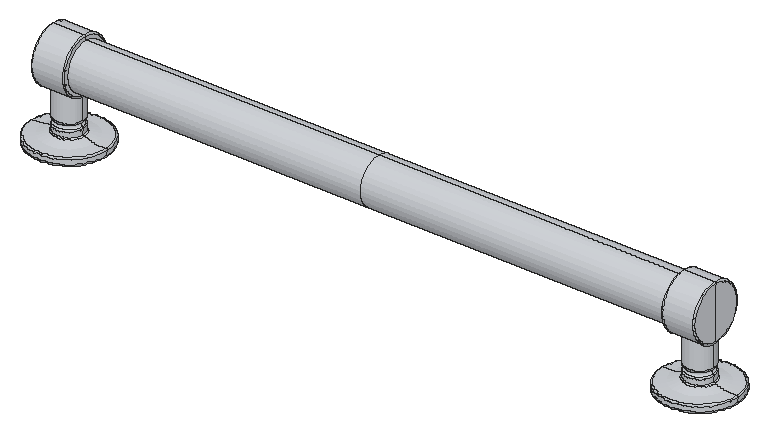
Revit family "Accessory-Drawer_Pull-KOHLER-HARKEN -K-33561_1", category Specialty Equipment, host Face, Revit 2017
Family settings
  Host = Face
  Round Connector Dimension = Use Diameter
  Part Type = Normal
  OmniClass Number = 23.31.25.00
  OmniClass Title = Toilet and Bath Specialties
  Cut with Voids When Loaded = No
  Shared = No
  Room Calculation Point = No
Parameters (values of type "CP-Polished Chrome")
  Width = 12.79528"  # constant formula
  WaterSense Certified = 1 = 0  # no
  URL = "https://www.us.kohler.com/us/"
  Type = 1
  Product Page URL = "http://www.us.kohler.com/us/catalog/productDetails.jsp?productId=33561"
  Product Name = "HARKEN "  # constant formula
  Product Documentation Link = "https://www.us.kohler.com/webassets/kpna/catalog/pdf/en/K-33561_spec.pdf"
  Model = if(Type = 1, "K-33561-CP", if(Type = 2, "K-33561-BN", if(Type = 3, "K-33561-BL", if(Type = 4, "K-33561-2MB", "NA"))))  # "K-33561-CP"
  Material = "Premium Metal Construction"  # constant formula
  Master Format 2014 Name = "Toilet, Bath, and Laundry Accessories"  # constant formula
  Master Format 2014 = "10 28 00"  # constant formula
  Manufacturer Address = "444 Highland Dr, Kohler, WI 53044"  # constant formula
  Manufacturer = "KOHLER Co."  # constant formula
  Length = 1.83858"  # constant formula
  Height = 1.37795"  # constant formula
  Finish = Kohler-Metal-CP-Polished_Chrome
  Environmental Product Declaration = ""
  Description = "DRAWER PULL 13 INCHES"  # constant formula
  Default Elevation = 42"
  Declare Label = ""
  Date Modified = "02/19/2021"  # constant formula
  Date Created = "02/19/2021"  # constant formula
  Copyright = "Copyright KOHLER Co."  # constant formula
  Contact Us = "https://www.us.kohler.com/us/static/contact.jsp"
  Assembly Code = "C1030200"
  ADA Compliant = 1 = 0  # no
Types (5): name | Type | Model | Finish
  (no name) | 1 | "K-33561-CP" | Kohler-Metal-CP-Polished_Chrome
  CP-Polished Chrome | 1 | "K-33561-CP" | Kohler-Metal-CP-Polished_Chrome
  BN-Vibrant Brushed Nickel | 2 | "K-33561-BN" | Kohler-Metal-BN-Vibrant_Brushed_Nickel
  BL-Matte Black | 3 | "K-33561-BL" | Kohler-Metal-BL-Matte_Black
  2MB-Vibrant Brushed Moderne Brass | 4 | "K-33561-2MB" | Kohler-Metal-2MB-Vibrant_Brushed_Moderne_Brass
Reference planes (in)
  plane 1 "Center (Front/Back)": y = 0
  plane 2: z = 0
  plane 3 "Center (Left/Right)": x = 0
  plane 4: z = 1.34647
  plane 5: z = 1.83858
  plane 6: x = -5.70866
  plane 7: x = -6.39764
  plane 8: x = 5.70866
  plane 9: x = -5.01969
  plane 10: x = 6.39764
  plane 11: x = 5.01969
  plane 12: x = -6.00419
  plane 13: x = -5.41313
  plane 14: x = 6.00419
  plane 15: x = 5.41313
  plane 16: y = 0.40994
  plane 17: y = -0.40994
  plane 18: y = 0.49195
  plane 19: y = -0.49195
  plane 20: y = 0.25591
  plane 21: y = -0.25591
  plane 22: y = 0.689
  plane 23: y = -0.68895
  plane 24: z = 0.12634
  plane 25: z = 1.75639
  plane 26: z = 0.93655
Dimensions and locks (in)
  locked: plane 8 to plane 6 at 11.41732
  locked: plane 12 to plane 14 at 12.00839
  locked: plane 16 to plane 17 at 0.81987
  "Width": plane 7 to plane 10
  locked: plane 18 to plane 19 at 0.9839
  plane 20 to plane 21 = 0.51182"
  "Height": plane 23 to plane 22
  "Length": plane 5 to level
  aligned and locked: plane 2 to host face
  aligned and locked: level to host face
Automatic sketch dimensions
  host sketch curve to host sketch curve = 96"  (x2)
Nested families (in)
  nested 1: "K-33561" at (0, 0, 0), type "K-33561"
Definition of nested family "K-33561"
  Parameters (values of type "K-33561")
    Material = none
  Reference planes (in)
    plane 1 "Center (Front/Back)": y = 0
    plane 2: z = 0
    plane 3 "Center (Left/Right)": x = 0
    plane 4: x = -6.39764
    plane 5: x = 6.39764
    plane 6: y = -0.689
    plane 7: y = 0.689
    plane 8: y = 0.40994
    plane 9: y = -0.40994
    plane 10: y = 0.25591
    plane 11: y = -0.25591
    plane 12: z = 1.8386
    plane 13: y = 0.49195
    plane 14: y = -0.49195
    plane 15: x = -5.70866
    plane 16: x = -5.01969
    plane 17: x = 5.70866
    plane 18: x = 5.01969
    plane 19: z = 1.34647
  Forms (in)
    Revolve 1, solid, material <- "Material", detail levels medium+fine
      sketch origin (0, 0, 0) x (1, 0, 0) y (0, 0, 1)
        loop
          line (-6.39764, 0.10549) -> (-6.39764, 0.02058)
          arc (-6.39764, 0.02058) -> (-6.39161, 0.00603) -> (-6.37706, 0) r 0.02058
          line (-6.37706, 0) -> (-5.70866, 0) -> (-5.70866, 1.02406) -> (-5.96459, 1.02406) -> (-5.96459, 0.43864)
          arc (-5.96459, 0.43864) -> (-5.95997, 0.42387) -> (-5.94777, 0.41434) r 0.02596
          arc (-5.94777, 0.41434) -> (-5.91719, 0.3701) -> (-5.94786, 0.32592) r 0.04722
          arc (-5.94786, 0.32592) -> (-5.95999, 0.31648) -> (-5.96458, 0.30181) r 0.02575
          line (-5.96458, 0.30181) -> (-5.96458, 0.21583)
          arc (-5.96458, 0.21583) -> (-5.96945, 0.20074) -> (-5.98222, 0.19134) r 0.02581
          arc (-5.98222, 0.19134) -> (-6.17697, 0.14316) -> (-6.37688, 0.12634) r 1.26583
          arc (-6.37688, 0.12634) -> (-6.39157, 0.1202) -> (-6.39764, 0.10549) r 0.02085
        axis (-5.70866, 1.02406) -> (-5.70866, 0)
      angle from 0 to 360
    Revolve 2, solid, material <- "Material", detail levels medium+fine
      sketch origin (0, 0, 0) x (1, 0, 0) y (0, 0, 1)
        loop
          line (-5.70866, 1.7564) -> (-5.70866, 1.34708) -> (5.70866, 1.34708) -> (5.70866, 1.7564) -> (-0.10451, 1.7564) -> (-5.70866, 1.7564)
        axis (5.70866, 1.34647) -> (-5.70866, 1.34647)
      angle from 0 to 360
    Extrusion 3, void
      sketch origin (0, 0, 0) x (1, 0, 0) y (0, 0, 1)
        loop
          arc (-5.40333, 1.04078) -> (-5.40909, 1.0547) -> (-5.42301, 1.06046) r 0.01969
          line (-5.42301, 1.06046) -> (-5.45827, 1.06046) -> (-5.45827, 0.91829) -> (-5.40333, 0.91829) -> (-5.40333, 1.04078)
      from -0.61928 to 0.73254
    Extrusion 4, void
      sketch origin (0, 0, 0) x (1, 0, 0) y (0, 0, 1)
        loop
          line (5.40333, 1.04083) -> (5.40333, 0.92344) -> (5.45827, 0.92344) -> (5.45827, 1.06046) -> (5.42296, 1.06046)
          arc (5.42296, 1.06046) -> (5.40908, 1.05471) -> (5.40333, 1.04083) r 0.01963
      from -0.61928 to 0.73254
    Revolve 5, solid, material <- "Material", detail levels medium+fine
      sketch origin (0, 0, 0) x (1, 0, 0) y (0, 0, 1)
        loop
          line (-6.00419, 1.81884) -> (-6.00419, 1.34708) -> (-5.41317, 1.34708) -> (-5.41317, 1.81879)
          arc (-5.41317, 1.81879) -> (-5.41897, 1.8328) -> (-5.43298, 1.8386) r 0.01981
          line (-5.43298, 1.8386) -> (-5.98443, 1.8386)
          arc (-5.98443, 1.8386) -> (-5.9984, 1.83281) -> (-6.00419, 1.81884) r 0.01976
        loop
          arc (6.00419, 1.81884) -> (5.9984, 1.83281) -> (5.98443, 1.8386) r 0.01976
          line (5.98443, 1.8386) -> (5.43298, 1.8386)
          arc (5.43298, 1.8386) -> (5.41897, 1.8328) -> (5.41317, 1.81879) r 0.01981
          line (5.41317, 1.81879) -> (5.41317, 1.34708) -> (6.00419, 1.34708) -> (6.00419, 1.81884)
        axis (-6.00419, 1.34708) -> (6.00419, 1.34708)
      angle from 0 to 360
    Revolve 6, solid, material <- "Material", detail levels medium+fine
      sketch origin (0, 0, 0) x (-1, 0, 0) y (0, 0, 1)
        loop
          line (-6.39764, 0.10549) -> (-6.39764, 0.02058)
          arc (-6.39764, 0.02058) -> (-6.39161, 0.00603) -> (-6.37706, 0) r 0.02058
          line (-6.37706, 0) -> (-5.70866, 0) -> (-5.70866, 1.02406) -> (-5.96459, 1.02406) -> (-5.96459, 0.43864)
          arc (-5.96459, 0.43864) -> (-5.95997, 0.42387) -> (-5.94777, 0.41434) r 0.02596
          arc (-5.94777, 0.41434) -> (-5.91719, 0.3701) -> (-5.94786, 0.32592) r 0.04722
          arc (-5.94786, 0.32592) -> (-5.95999, 0.31648) -> (-5.96458, 0.30181) r 0.02575
          line (-5.96458, 0.30181) -> (-5.96458, 0.21583)
          arc (-5.96458, 0.21583) -> (-5.96945, 0.20074) -> (-5.98222, 0.19134) r 0.02581
          arc (-5.98222, 0.19134) -> (-6.17697, 0.14316) -> (-6.37688, 0.12634) r 1.26583
          arc (-6.37688, 0.12634) -> (-6.39157, 0.1202) -> (-6.39764, 0.10549) r 0.02085
        axis (-5.70866, 1.02406) -> (-5.70866, 0)
      angle from 0 to 360
    Revolve 7, solid, material <- "Material", detail levels coarse
      sketch origin (0, 0, 0) x (1, 0, 0) y (0, 0, 1)
        loop
          line (-6.39764, 0.12634) -> (-6.39764, 0) -> (-5.70866, 0) -> (-5.70866, 1.02406) -> (-5.96458, 1.02406) -> (-5.96458, 0.21583) -> (-6.39764, 0.12634)
        axis (-5.70866, 1.02406) -> (-5.70866, 0)
      angle from 0 to 360
    Revolve 8, solid, material <- "Material", detail levels coarse
      sketch origin (0, 0, 0) x (1, 0, 0) y (0, 0, 1)
        loop
          line (-5.41313, 1.8386) -> (-6.00368, 1.8386) -> (-6.00368, 1.34647) -> (6.00368, 1.34647) -> (6.00368, 1.8386) -> (5.41313, 1.8386) -> (5.41313, 1.75639) -> (-5.41313, 1.75639) -> (-5.41313, 1.8386)
        axis (6.00368, 1.34647) -> (-6.00368, 1.34647)
      angle from 0 to 360
    Revolve 9, solid, material <- "Material", detail levels coarse
      sketch origin (0, 0, 0) x (-1, 0, 0) y (0, 0, 1)
        loop
          line (-6.39764, 0.12634) -> (-6.39764, 0) -> (-5.70866, 0) -> (-5.70866, 1.02406) -> (-5.96458, 1.02406) -> (-5.96458, 0.21583) -> (-6.39764, 0.12634)
        axis (-5.70866, 1.02406) -> (-5.70866, 0)
      angle from 0 to 360
  Cuts and joins
    Extrusion 3, Extrusion 4 cuts Revolve 2
    joined: Revolve 1, Revolve 2, Revolve 5, Revolve 6
  Lines and regions (in)
    Masking region 1
      outline origin (0, 0, 0) x (1, 0, 0) y (0, 0, 1)
        loop
          arc (5.40327, 1.03182) -> (5.4052, 1.0476) -> (5.41313, 1.06138) r 0.04002
          line (5.41313, 1.06138) -> (5.41313, 0.88424)
          arc (5.41313, 0.88424) -> (5.41634, 0.86727) -> (5.42802, 0.85455) r 0.0315
          arc (5.42802, 0.85455) -> (5.44442, 0.85059) -> (5.45274, 0.83592) r 0.02119
          line (5.45274, 0.83592) -> (5.45274, 0.43864)
          arc (5.45274, 0.43864) -> (5.45735, 0.42387) -> (5.46955, 0.41434) r 0.02596
          arc (5.46955, 0.41434) -> (5.50013, 0.3701) -> (5.46947, 0.32592) r 0.04722
          arc (5.46947, 0.32592) -> (5.45733, 0.31648) -> (5.45274, 0.30181) r 0.02575
          line (5.45274, 0.30181) -> (5.45274, 0.21583)
          arc (5.45274, 0.21583) -> (5.44787, 0.20074) -> (5.4351, 0.19134) r 0.02581
          arc (5.4351, 0.19134) -> (5.24035, 0.14316) -> (5.04044, 0.12634) r 1.26583
          arc (5.04044, 0.12634) -> (5.02576, 0.1202) -> (5.01969, 0.10549) r 0.02085
          line (5.01969, 0.10549) -> (5.01969, 0.02058)
          arc (5.01969, 0.02058) -> (5.02571, 0.00603) -> (5.04026, 0) r 0.02058
          line (5.04026, 0) -> (5.70866, 0) -> (6.37706, 0)
          arc (6.37706, 0) -> (6.39161, 0.00603) -> (6.39764, 0.02058) r 0.02058
          line (6.39764, 0.02058) -> (6.39764, 0.10549)
          arc (6.39764, 0.10549) -> (6.39157, 0.1202) -> (6.37688, 0.12634) r 0.02085
          arc (6.37688, 0.12634) -> (6.17697, 0.14316) -> (5.98222, 0.19134) r 1.26583
          arc (5.98222, 0.19134) -> (5.96945, 0.20074) -> (5.96458, 0.21583) r 0.02581
          line (5.96458, 0.21583) -> (5.96458, 0.30181)
          arc (5.96458, 0.30181) -> (5.95999, 0.31648) -> (5.94786, 0.32592) r 0.02575
          arc (5.94786, 0.32592) -> (5.91719, 0.3701) -> (5.94777, 0.41434) r 0.04722
          arc (5.94777, 0.41434) -> (5.95997, 0.42387) -> (5.96459, 0.43864) r 0.02596
          line (5.96459, 0.43864) -> (5.96459, 0.83592)
          arc (5.96459, 0.83592) -> (5.9729, 0.85059) -> (5.9893, 0.85455) r 0.02119
          arc (5.9893, 0.85455) -> (6.00098, 0.86727) -> (6.00419, 0.88424) r 0.0315
          line (6.00419, 0.88424) -> (6.00419, 1.81901)
          arc (6.00419, 1.81901) -> (5.99845, 1.83286) -> (5.9846, 1.8386) r 0.01959
          line (5.9846, 1.8386) -> (5.70866, 1.8386) -> (5.43272, 1.8386)
          arc (5.43272, 1.8386) -> (5.41887, 1.83286) -> (5.41313, 1.81901) r 0.01959
          line (5.41313, 1.81901) -> (5.41313, 1.75639) -> (0.19626, 1.75639) -> (-5.41313, 1.75639) -> (-5.41313, 1.81901)
          arc (-5.41313, 1.81901) -> (-5.41887, 1.83286) -> (-5.43272, 1.8386) r 0.01959
          line (-5.43272, 1.8386) -> (-5.70866, 1.8386) -> (-5.9846, 1.8386)
          arc (-5.9846, 1.8386) -> (-5.99845, 1.83286) -> (-6.00419, 1.81901) r 0.01959
          line (-6.00419, 1.81901) -> (-6.00419, 0.88424)
          arc (-6.00419, 0.88424) -> (-6.00098, 0.86727) -> (-5.9893, 0.85455) r 0.0315
          arc (-5.9893, 0.85455) -> (-5.9729, 0.85059) -> (-5.96459, 0.83592) r 0.02119
          line (-5.96459, 0.83592) -> (-5.96459, 0.43864)
          arc (-5.96459, 0.43864) -> (-5.95997, 0.42387) -> (-5.94777, 0.41434) r 0.02596
          arc (-5.94777, 0.41434) -> (-5.91719, 0.3701) -> (-5.94786, 0.32592) r 0.04722
          arc (-5.94786, 0.32592) -> (-5.95999, 0.31648) -> (-5.96458, 0.30181) r 0.02575
          line (-5.96458, 0.30181) -> (-5.96458, 0.21583)
          arc (-5.96458, 0.21583) -> (-5.96945, 0.20074) -> (-5.98222, 0.19134) r 0.02581
          arc (-5.98222, 0.19134) -> (-6.17697, 0.14316) -> (-6.37688, 0.12634) r 1.26583
          arc (-6.37688, 0.12634) -> (-6.39157, 0.1202) -> (-6.39764, 0.10549) r 0.02085
          line (-6.39764, 0.10549) -> (-6.39764, 0.02058)
          arc (-6.39764, 0.02058) -> (-6.39161, 0.00603) -> (-6.37706, 0) r 0.02058
          line (-6.37706, 0) -> (-5.70866, 0) -> (-5.04026, 0)
          arc (-5.04026, 0) -> (-5.02571, 0.00603) -> (-5.01969, 0.02058) r 0.02058
          line (-5.01969, 0.02058) -> (-5.01969, 0.10549)
          arc (-5.01969, 0.10549) -> (-5.02576, 0.1202) -> (-5.04044, 0.12634) r 0.02085
          arc (-5.04044, 0.12634) -> (-5.24035, 0.14316) -> (-5.4351, 0.19134) r 1.26583
          arc (-5.4351, 0.19134) -> (-5.44787, 0.20074) -> (-5.45274, 0.21583) r 0.02581
          line (-5.45274, 0.21583) -> (-5.45274, 0.30181)
          arc (-5.45274, 0.30181) -> (-5.45733, 0.31648) -> (-5.46947, 0.32592) r 0.02575
          arc (-5.46947, 0.32592) -> (-5.50013, 0.3701) -> (-5.46955, 0.41434) r 0.04722
          arc (-5.46955, 0.41434) -> (-5.45735, 0.42387) -> (-5.45274, 0.43864) r 0.02596
          line (-5.45274, 0.43864) -> (-5.45274, 0.83592)
          arc (-5.45274, 0.83592) -> (-5.44442, 0.85059) -> (-5.42802, 0.85455) r 0.02119
          arc (-5.42802, 0.85455) -> (-5.41634, 0.86727) -> (-5.41313, 0.88424) r 0.0315
          line (-5.41313, 0.88424) -> (-5.41313, 1.06138)
          arc (-5.41313, 1.06138) -> (-5.4052, 1.0476) -> (-5.40327, 1.03182) r 0.04002
        loop
          line (-5.40327, 1.03805) -> (-5.40327, 0.95716)
          arc (-5.40327, 0.95716) -> (-5.39723, 0.94259) -> (-5.38266, 0.93655) r 0.02061
          line (-5.38266, 0.93655) -> (-0.33294, 0.93655) -> (5.38266, 0.93655)
          arc (5.38266, 0.93655) -> (5.39723, 0.94259) -> (5.40327, 0.95716) r 0.02061
          line (5.40327, 0.95716) -> (5.40327, 1.03805)
    Masking region 2
      outline origin (0, 0, 0) x (0, 1, 0) y (0, 0, 1)
        loop
          arc (0.689, 0.10549) -> (0.68293, 0.1202) -> (0.66825, 0.12634) r 0.02085
          arc (0.66825, 0.12634) -> (0.46834, 0.14316) -> (0.27359, 0.19134) r 1.26583
          arc (0.27359, 0.19134) -> (0.26082, 0.20074) -> (0.25595, 0.21583) r 0.02581
          line (0.25595, 0.21583) -> (0.25595, 0.30181)
          arc (0.25595, 0.30181) -> (0.25136, 0.31648) -> (0.23922, 0.32592) r 0.02575
          arc (0.23922, 0.32592) -> (0.20855, 0.3701) -> (0.23914, 0.41434) r 0.04722
          arc (0.23914, 0.41434) -> (0.25134, 0.42387) -> (0.25595, 0.43864) r 0.02596
          line (0.25595, 0.43864) -> (0.25595, 0.90902)
          arc (0.25595, 0.90902) -> (0.25973, 0.92397) -> (0.27015, 0.93534) r 0.0315
          arc (0.27015, 0.93534) -> (0.00017, 1.83842) -> (-0.27043, 0.93552) r 0.49195
          arc (-0.27043, 0.93552) -> (-0.2598, 0.92392) -> (-0.25595, 0.90866) r 0.03215
          line (-0.25595, 0.90866) -> (-0.25595, 0.43864)
          arc (-0.25595, 0.43864) -> (-0.25134, 0.42387) -> (-0.23914, 0.41434) r 0.02596
          arc (-0.23914, 0.41434) -> (-0.20855, 0.3701) -> (-0.23922, 0.32592) r 0.04722
          arc (-0.23922, 0.32592) -> (-0.25136, 0.31648) -> (-0.25595, 0.30181) r 0.02575
          line (-0.25595, 0.30181) -> (-0.25595, 0.21583)
          arc (-0.25595, 0.21583) -> (-0.26082, 0.20074) -> (-0.27359, 0.19134) r 0.02581
          arc (-0.27359, 0.19134) -> (-0.46834, 0.14316) -> (-0.66825, 0.12634) r 1.26583
          arc (-0.66825, 0.12634) -> (-0.68293, 0.1202) -> (-0.689, 0.10549) r 0.02085
          line (-0.689, 0.10549) -> (-0.689, 0.02058)
          arc (-0.689, 0.02058) -> (-0.68298, 0.00603) -> (-0.66843, 0) r 0.02058
          line (-0.66843, 0) -> (0.00003, 0) -> (0.66843, 0)
          arc (0.66843, 0) -> (0.68298, 0.00603) -> (0.689, 0.02058) r 0.02058
          line (0.689, 0.02058) -> (0.689, 0.10549)
    Masking region 3
      outline origin (0, 0, 0) x (1, 0, 0) y (0, 1, 0)
        loop
          line (-5.15491, -0.40994) -> (5.15491, -0.40994)
          arc (5.15491, -0.40994) -> (6.39764, 0) -> (5.15491, 0.40994) r 0.68898
          line (5.15491, 0.40994) -> (-5.15491, 0.40994)
          arc (-5.15491, 0.40994) -> (-6.39764, 0) -> (-5.15491, -0.40994) r 0.68898
    symbolic lines, detail levels medium+fine
      curve 1: line (-5.41313, 0, 1.75639) -> (-5.41313, 0, 1.06138)
      curve 2: line (-6.37688, 0, 0.12634) -> (-5.04044, 0, 0.12634)
      curve 3: line (-5.94777, 0, 0.41434) -> (-5.46955, 0, 0.41434)
      curve 4: line (-5.94786, 0, 0.32592) -> (-5.46947, 0, 0.32592)
      curve 5: line (-5.98222, 0, 0.19134) -> (-5.4351, 0, 0.19134)
      curve 6: line (-5.98756, 0, 0.85556) -> (-5.42976, 0, 0.85556)
      curve 7: line (5.41313, 0, 1.75639) -> (5.41313, 0, 1.06138)
      curve 8: line (6.37688, 0, 0.12634) -> (5.04044, 0, 0.12634)
      curve 9: line (5.94777, 0, 0.41434) -> (5.46955, 0, 0.41434)
      curve 10: line (5.94786, 0, 0.32592) -> (5.46947, 0, 0.32592)
      curve 11: line (5.98222, 0, 0.19134) -> (5.4351, 0, 0.19134)
      curve 12: line (5.98756, 0, 0.85556) -> (5.42976, 0, 0.85556)
      curve 13: line (0, 0.23914, 0.41434) -> (0, -0.23914, 0.41434)
      curve 14: line (0, 0.23922, 0.32592) -> (0, -0.23922, 0.32592)
      curve 15: line (0, 0.27359, 0.19134) -> (0, -0.27359, 0.19134)
      curve 16: line (0, 0.66825, 0.12634) -> (0, -0.66825, 0.12634)
      curve 17: arc (0, 0.27015, 0.93534) -> (0, -0.00017, 0.85485) -> (0, -0.27043, 0.93552) r 0.4936
      curve 18: line (-5.98911, 0.49195, 0) -> (-5.42728, 0.49195, 0)
      curve 19: line (-6.00417, -0.4762, 0) -> (-6.00417, 0.47688, 0)
      curve 20: arc (-6.00417, 0.47688, 0) -> (-5.99976, 0.48754, 0) -> (-5.98911, 0.49195, 0) r 0.01506
      curve 21: line (-5.98843, -0.49195, 0) -> (-5.42795, -0.49195, 0)
      curve 22: line (-5.41315, -0.47715, 0) -> (-5.41315, -0.05805, 0)
      curve 23: arc (-5.98843, -0.49195, 0) -> (-5.99956, -0.48734, 0) -> (-6.00417, -0.4762, 0) r 0.01575
      curve 24: arc (-5.42795, -0.49195, 0) -> (-5.41748, -0.48761, 0) -> (-5.41315, -0.47715, 0) r 0.0148
      curve 25: arc (-5.42728, 0.49195, 0) -> (-5.41729, 0.48781, 0) -> (-5.41315, 0.47781, 0) r 0.01414
      curve 26: line (-5.41315, 0.40994, 0) -> (-5.13693, 0.40994, 0)
      curve 27: line (-5.41315, -0.40994, 0) -> (-5.13693, -0.40994, 0)
      curve 28: line (-5.41315, -0.05805, 0) -> (-5.41315, 0.47781, 0)
      curve 29: line (-5.41315, -0.40994, 0) -> (-5.13693, -0.40994, 0)
      curve 30: line (5.98668, 0.49195, 0) -> (5.42757, 0.49195, 0)
      curve 31: line (6.00417, -0.47643, 0) -> (6.00417, 0.47445, 0)
      curve 32: line (5.98866, -0.49195, 0) -> (5.42973, -0.49195, 0)
      curve 33: line (5.41315, -0.47537, 0) -> (5.41315, -0.05805, 0)
      curve 34: line (5.41315, 0.40994, 0) -> (5.13693, 0.40994, 0)
      curve 35: line (5.41315, -0.40994, 0) -> (5.13693, -0.40994, 0)
      curve 36: line (5.41315, -0.05805, 0) -> (5.41315, 0.47752, 0)
      curve 37: line (5.41315, -0.40994, 0) -> (5.13693, -0.40994, 0)
      curve 38: arc (5.42757, 0.49195, 0) -> (5.41737, 0.48772, 0) -> (5.41315, 0.47752, 0) r 0.01442
      curve 39: arc (6.00417, 0.47445, 0) -> (5.99905, 0.48682, 0) -> (5.98668, 0.49195, 0) r 0.0175
      curve 40: arc (5.42973, -0.49195, 0) -> (5.41801, -0.48709, 0) -> (5.41315, -0.47537, 0) r 0.01658
      curve 41: arc (5.98866, -0.49195, 0) -> (5.99963, -0.4874, 0) -> (6.00417, -0.47643, 0) r 0.01552
  Dimensions and locks (in)
    plane 9 to plane 8 = 0.81987"
    locked: plane 7 to plane 6 at 1.37801
    locked: plane 10 to plane 11 at 0.51182
    locked: plane 12 to level at 1.8386
    locked: plane 13 to plane 14 at 0.9839
    locked: plane 15 to plane 17 at 11.41732
    aligned and locked: plane 2 to level
